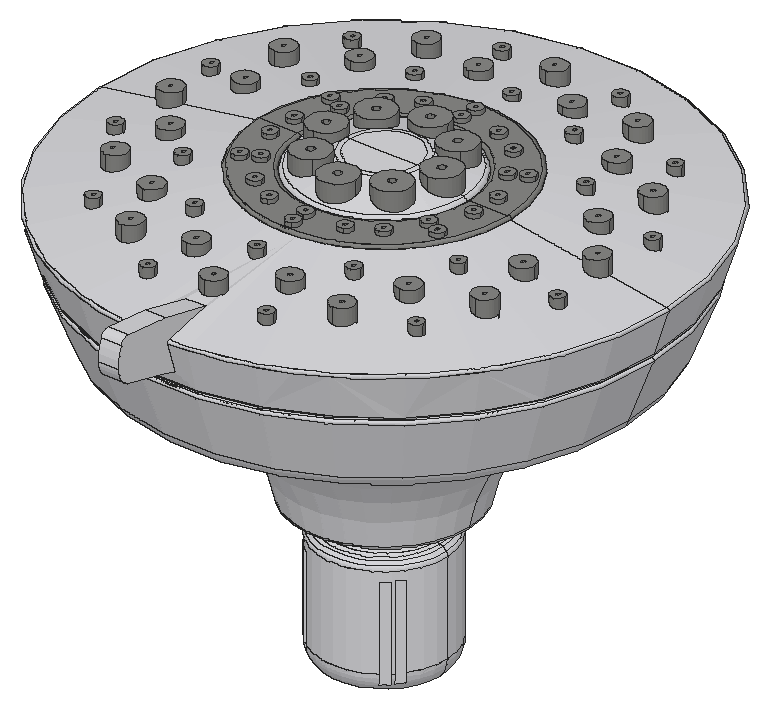
Revit family "Shower-Showerhead-KOHLER-Radiate-K-R75563", category Plumbing Fixtures, host Face, Revit 2015 (continued)
Definition of nested family "K-R75563"
  Lines and regions (in)
    symbolic lines, detail levels medium+fine
      curve 257: arc (0, -1.85189, 0) -> (0.09495, -1.75694, 0) -> (0, -1.66198, 0) r 0.09495
      curve 258: arc (0, -1.66198, 0) -> (-0.09495, -1.75694, 0) -> (0, -1.85189, 0) r 0.09495
      curve 259: line (0.08509, -2.3422, 0) -> (0.08509, -1.97876, 0)
      curve 260: arc (0.58852, 0.66711, 0) -> (0.53135, 0.60994, 0) -> (0.47418, 0.66711, 0) r 0.05717
      curve 261: arc (0.47418, 0.66711, 0) -> (0.53135, 0.72428, 0) -> (0.58852, 0.66711, 0) r 0.05717
      curve 262: arc (0.54798, 0.66364, 0) -> (0.53392, 0.64958, 0) -> (0.51986, 0.66364, 0) r 0.01406
      curve 263: arc (0.74915, 0.4058, 0) -> (0.69198, 0.34863, 0) -> (0.63481, 0.4058, 0) r 0.05717
      curve 264: arc (0.63481, 0.4058, 0) -> (0.69198, 0.46297, 0) -> (0.74915, 0.4058, 0) r 0.05717
      curve 265: arc (0.75732, 0.46751, 0) -> (0.81449, 0.52468, 0) -> (0.87166, 0.46751, 0) r 0.05717
      curve 266: arc (0.87166, 0.46751, 0) -> (0.81449, 0.41034, 0) -> (0.75732, 0.46751, 0) r 0.05717
      curve 267: arc (0.83331, 0.46359, 0) -> (0.81925, 0.44953, 0) -> (0.80519, 0.46359, 0) r 0.01406
      curve 268: arc (0.70561, 0.4013, 0) -> (0.69155, 0.38724, 0) -> (0.67749, 0.4013, 0) r 0.01406
      curve 269: arc (0.67749, 0.4013, 0) -> (0.69155, 0.41536, 0) -> (0.70561, 0.4013, 0) r 0.01406
      curve 270: arc (0.80519, 0.46359, 0) -> (0.81925, 0.47765, 0) -> (0.83331, 0.46359, 0) r 0.01406
      curve 271: arc (0.51986, 0.66364, 0) -> (0.53392, 0.6777, 0) -> (0.54798, 0.66364, 0) r 0.01406
      curve 272: arc (0.89563, 0.12473, 0) -> (0.83846, 0.06756, 0) -> (0.78128, 0.12473, 0) r 0.05717
      curve 273: arc (0.82284, 0.1269, 0) -> (0.8369, 0.14096, 0) -> (0.85096, 0.1269, 0) r 0.01406
      curve 274: arc (0.85096, 0.1269, 0) -> (0.8369, 0.11284, 0) -> (0.82284, 0.1269, 0) r 0.01406
      curve 275: arc (0.78128, 0.12473, 0) -> (0.83846, 0.1819, 0) -> (0.89563, 0.12473, 0) r 0.05717
      curve 276: arc (0.33967, 0.83805, 0) -> (0.36061, 0.75995, 0) -> (0.28252, 0.73902, 0) r 0.05717
      curve 277: arc (0.28252, 0.73902, 0) -> (0.26158, 0.81711, 0) -> (0.33967, 0.83805, 0) r 0.05717
      curve 278: arc (0.29069, 0.78549, 0) -> (0.30475, 0.79955, 0) -> (0.31881, 0.78549, 0) r 0.01406
      curve 279: arc (0.31881, 0.78549, 0) -> (0.30475, 0.77144, 0) -> (0.29069, 0.78549, 0) r 0.01406
      curve 280: arc (0.03081, 0.98864, 0) -> (0.05175, 0.91054, 0) -> (-0.02635, 0.8896, 0) r 0.05717
      curve 281: arc (-0.02635, 0.8896, 0) -> (-0.04728, 0.9677, 0) -> (0.03081, 0.98864, 0) r 0.05717
      curve 282: arc (-0.01406, 0.94077, 0) -> (0, 0.95483, 0) -> (0.01406, 0.94077, 0) r 0.01406
      curve 283: arc (0.01406, 0.94077, 0) -> (0, 0.92671, 0) -> (-0.01406, 0.94077, 0) r 0.01406
      curve 284: arc (-0.01406, 0.79911, 0) -> (0, 0.81317, 0) -> (0.01406, 0.79911, 0) r 0.01406
      curve 285: arc (0.01406, 0.79911, 0) -> (0, 0.78505, 0) -> (-0.01406, 0.79911, 0) r 0.01406
      curve 286: arc (0.02302, 0.85168, 0) -> (0.04396, 0.77359, 0) -> (-0.03414, 0.75265, 0) r 0.05717
      curve 287: arc (-0.03414, 0.75265, 0) -> (-0.05508, 0.83075, 0) -> (0.02302, 0.85168, 0) r 0.05717
      curve 288: arc (1.66198, 0, 0) -> (1.75694, 0.09495, 0) -> (1.85189, 0, 0) r 0.09495
      curve 289: arc (1.35729, 0.38604, 0) -> (1.45225, 0.48099, 0) -> (1.5472, 0.38604, 0) r 0.09495
      curve 290: arc (1.5472, 0.38604, 0) -> (1.45225, 0.29108, 0) -> (1.35729, 0.38604, 0) r 0.09495
      curve 291: arc (1.51998, 0.96161, 0) -> (1.61494, 0.86665, 0) -> (1.51998, 0.7717, 0) r 0.09495
      curve 292: arc (1.51998, 0.7717, 0) -> (1.42503, 0.86665, 0) -> (1.51998, 0.96161, 0) r 0.09495
      curve 293: arc (1.07632, 0.65486, 0) -> (1.13349, 0.71203, 0) -> (1.19066, 0.65486, 0) r 0.05717
      curve 294: arc (1.19066, 0.65486, 0) -> (1.13349, 0.59769, 0) -> (1.07632, 0.65486, 0) r 0.05717
      curve 295: arc (1.15179, 0.65658, 0) -> (1.13773, 0.64252, 0) -> (1.12367, 0.65658, 0) r 0.01406
      curve 296: arc (1.12367, 0.65658, 0) -> (1.13773, 0.67064, 0) -> (1.15179, 0.65658, 0) r 0.01406
      curve 297: arc (1.87745, 0.48851, 0) -> (1.82028, 0.43134, 0) -> (1.76311, 0.48851, 0) r 0.05717
      curve 298: arc (1.76311, 0.48851, 0) -> (1.82028, 0.54568, 0) -> (1.87745, 0.48851, 0) r 0.05717
      curve 299: arc (1.83691, 0.48576, 0) -> (1.82285, 0.4717, 0) -> (1.80879, 0.48576, 0) r 0.01406
      curve 300: arc (1.80879, 0.48576, 0) -> (1.82285, 0.49982, 0) -> (1.83691, 0.48576, 0) r 0.01406
      curve 301: arc (1.31719, 1.33145, 0) -> (1.33125, 1.34551, 0) -> (1.34531, 1.33145, 0) r 0.01406
      curve 302: arc (1.34531, 1.33145, 0) -> (1.33125, 1.31739, 0) -> (1.31719, 1.33145, 0) r 0.01406
      curve 303: arc (1.3877, 1.33292, 0) -> (1.33053, 1.27575, 0) -> (1.27336, 1.33292, 0) r 0.05717
      curve 304: arc (1.27336, 1.33292, 0) -> (1.33053, 1.39009, 0) -> (1.3877, 1.33292, 0) r 0.05717
      curve 305: arc (1.05791, 1.16473, 0) -> (1.15286, 1.06978, 0) -> (1.05791, 0.97482, 0) r 0.09495
      curve 306: arc (1.05791, 0.97482, 0) -> (0.96296, 1.06978, 0) -> (1.05791, 1.16473, 0) r 0.09495
      curve 307: arc (0.5988, 1.13222, 0) -> (0.65597, 1.1894, 0) -> (0.71315, 1.13222, 0) r 0.05717
      curve 308: arc (0.64334, 1.13823, 0) -> (0.6574, 1.15229, 0) -> (0.67146, 1.13823, 0) r 0.01406
      curve 309: arc (0.67146, 1.13823, 0) -> (0.6574, 1.12417, 0) -> (0.64334, 1.13823, 0) r 0.01406
      curve 310: arc (0.71315, 1.13222, 0) -> (0.65597, 1.07505, 0) -> (0.5988, 1.13222, 0) r 0.05717
      curve 311: arc (0.87041, 1.61751, 0) -> (0.96536, 1.52256, 0) -> (0.87041, 1.42761, 0) r 0.09495
      curve 312: arc (0.87041, 1.42761, 0) -> (0.77546, 1.52256, 0) -> (0.87041, 1.61751, 0) r 0.09495
      curve 313: arc (0.54545, 1.82144, 0) -> (0.48828, 1.76427, 0) -> (0.43111, 1.82144, 0) r 0.05717
      curve 314: arc (0.43111, 1.82144, 0) -> (0.48828, 1.87862, 0) -> (0.54545, 1.82144, 0) r 0.05717
      curve 315: arc (0.5007, 1.82313, 0) -> (0.48664, 1.80907, 0) -> (0.47258, 1.82313, 0) r 0.01406
      curve 316: arc (0.47258, 1.82313, 0) -> (0.48664, 1.83719, 0) -> (0.5007, 1.82313, 0) r 0.01406
      curve 317: arc (0.01569, 1.31047, 0) -> (0.00163, 1.29641, 0) -> (-0.01243, 1.31047, 0) r 0.01406
      curve 318: arc (-0.01243, 1.31047, 0) -> (0.00163, 1.32453, 0) -> (0.01569, 1.31047, 0) r 0.01406
      curve 319: arc (0, 1.252, 0) -> (-0.05661, 1.30917, 0) -> (0, 1.36633, 0) r 0.05717
      curve 320: arc (0, 1.85189, 0) -> (0.09495, 1.75694, 0) -> (0, 1.66198, 0) r 0.09495
      curve 321: arc (0, 1.66198, 0) -> (-0.09495, 1.75694, 0) -> (0, 1.85189, 0) r 0.09495
      curve 322: arc (-0.23394, 0.43971, 0) -> (-0.23387, 0.23331, 0) -> (-0.44027, 0.23324, 0) r 0.14595
      curve 323: arc (-0.44027, 0.23324, 0) -> (-0.44034, 0.43964, 0) -> (-0.23394, 0.43971, 0) r 0.14595
      curve 324: arc (-0.47646, 0.14579, 0) -> (-0.33046, -0.00011, 0) -> (-0.47636, -0.14611, 0) r 0.14595
      curve 325: arc (-0.47636, -0.14611, 0) -> (-0.62235, -0.00021, 0) -> (-0.47646, 0.14579, 0) r 0.14595
      curve 326: arc (-0.23331, -0.44004, 0) -> (-0.43971, -0.44026, 0) -> (-0.43993, -0.23386, 0) r 0.14595
      curve 327: arc (-0.43993, -0.23386, 0) -> (-0.23353, -0.23364, 0) -> (-0.23331, -0.44004, 0) r 0.14595
      curve 328: arc (0, 0.62195, 0) -> (0.14555, 0.476, 0) -> (0, 0.33006, 0) r 0.14595
      curve 329: arc (0, -0.33006, 0) -> (0.14555, -0.476, 0) -> (0, -0.62195, 0) r 0.14595
      curve 330: arc (-0.58852, -0.66711, 0) -> (-0.53135, -0.60994, 0) -> (-0.47418, -0.66711, 0) r 0.05717
      curve 331: arc (-0.47418, -0.66711, 0) -> (-0.53135, -0.72428, 0) -> (-0.58852, -0.66711, 0) r 0.05717
      curve 332: arc (-0.54798, -0.66364, 0) -> (-0.53392, -0.64958, 0) -> (-0.51986, -0.66364, 0) r 0.01406
      curve 333: arc (-0.74915, -0.4058, 0) -> (-0.69198, -0.34863, 0) -> (-0.63481, -0.4058, 0) r 0.05717
      curve 334: arc (-0.63481, -0.4058, 0) -> (-0.69198, -0.46297, 0) -> (-0.74915, -0.4058, 0) r 0.05717
      curve 335: arc (-0.75732, -0.46751, 0) -> (-0.81449, -0.52468, 0) -> (-0.87166, -0.46751, 0) r 0.05717
      curve 336: arc (-0.87166, -0.46751, 0) -> (-0.81449, -0.41034, 0) -> (-0.75732, -0.46751, 0) r 0.05717
      curve 337: arc (-0.83331, -0.46359, 0) -> (-0.81925, -0.44953, 0) -> (-0.80519, -0.46359, 0) r 0.01406
      curve 338: arc (-0.70561, -0.4013, 0) -> (-0.69155, -0.38724, 0) -> (-0.67749, -0.4013, 0) r 0.01406
      curve 339: arc (-0.67749, -0.4013, 0) -> (-0.69155, -0.41536, 0) -> (-0.70561, -0.4013, 0) r 0.01406
      curve 340: arc (-0.80519, -0.46359, 0) -> (-0.81925, -0.47765, 0) -> (-0.83331, -0.46359, 0) r 0.01406
      curve 341: arc (-0.51986, -0.66364, 0) -> (-0.53392, -0.6777, 0) -> (-0.54798, -0.66364, 0) r 0.01406
      curve 342: arc (-0.89563, -0.12473, 0) -> (-0.83846, -0.06756, 0) -> (-0.78128, -0.12473, 0) r 0.05717
      curve 343: arc (-0.82284, -0.1269, 0) -> (-0.8369, -0.14096, 0) -> (-0.85096, -0.1269, 0) r 0.01406
      curve 344: arc (-0.85096, -0.1269, 0) -> (-0.8369, -0.11284, 0) -> (-0.82284, -0.1269, 0) r 0.01406
      curve 345: arc (-0.78128, -0.12473, 0) -> (-0.83846, -0.1819, 0) -> (-0.89563, -0.12473, 0) r 0.05717
      curve 346: arc (-0.33967, -0.83805, 0) -> (-0.36061, -0.75995, 0) -> (-0.28252, -0.73902, 0) r 0.05717
      curve 347: arc (-0.28252, -0.73902, 0) -> (-0.26158, -0.81711, 0) -> (-0.33967, -0.83805, 0) r 0.05717
      curve 348: arc (-0.29069, -0.78549, 0) -> (-0.30475, -0.79955, 0) -> (-0.31881, -0.78549, 0) r 0.01406
      curve 349: arc (-0.31881, -0.78549, 0) -> (-0.30475, -0.77144, 0) -> (-0.29069, -0.78549, 0) r 0.01406
      curve 350: arc (-0.03081, -0.98864, 0) -> (-0.05175, -0.91054, 0) -> (0.02635, -0.8896, 0) r 0.05717
      curve 351: arc (0.02635, -0.8896, 0) -> (0.04728, -0.9677, 0) -> (-0.03081, -0.98864, 0) r 0.05717
      curve 352: arc (-1.66198, 0, 0) -> (-1.75694, -0.09495, 0) -> (-1.85189, 0, 0) r 0.09495
      curve 353: arc (-1.35729, -0.38604, 0) -> (-1.45225, -0.48099, 0) -> (-1.5472, -0.38604, 0) r 0.09495
      curve 354: arc (-1.5472, -0.38604, 0) -> (-1.45225, -0.29108, 0) -> (-1.35729, -0.38604, 0) r 0.09495
      curve 355: arc (-1.51998, -0.96161, 0) -> (-1.61494, -0.86665, 0) -> (-1.51998, -0.7717, 0) r 0.09495
      curve 356: arc (-1.51998, -0.7717, 0) -> (-1.42503, -0.86665, 0) -> (-1.51998, -0.96161, 0) r 0.09495
      curve 357: arc (-1.07632, -0.65486, 0) -> (-1.13349, -0.71203, 0) -> (-1.19066, -0.65486, 0) r 0.05717
      curve 358: arc (-1.19066, -0.65486, 0) -> (-1.13349, -0.59769, 0) -> (-1.07632, -0.65486, 0) r 0.05717
      curve 359: arc (-1.15179, -0.65658, 0) -> (-1.13773, -0.64252, 0) -> (-1.12367, -0.65658, 0) r 0.01406
      curve 360: arc (-1.12367, -0.65658, 0) -> (-1.13773, -0.67064, 0) -> (-1.15179, -0.65658, 0) r 0.01406
      curve 361: arc (-1.87745, -0.48851, 0) -> (-1.82028, -0.43134, 0) -> (-1.76311, -0.48851, 0) r 0.05717
      curve 362: arc (-1.76311, -0.48851, 0) -> (-1.82028, -0.54568, 0) -> (-1.87745, -0.48851, 0) r 0.05717
      curve 363: arc (-1.83691, -0.48576, 0) -> (-1.82285, -0.4717, 0) -> (-1.80879, -0.48576, 0) r 0.01406
      curve 364: arc (-1.80879, -0.48576, 0) -> (-1.82285, -0.49982, 0) -> (-1.83691, -0.48576, 0) r 0.01406
      curve 365: arc (-1.31719, -1.33145, 0) -> (-1.33125, -1.34551, 0) -> (-1.34531, -1.33145, 0) r 0.01406
      curve 366: arc (-1.34531, -1.33145, 0) -> (-1.33125, -1.31739, 0) -> (-1.31719, -1.33145, 0) r 0.01406
      curve 367: arc (-1.3877, -1.33292, 0) -> (-1.33053, -1.27575, 0) -> (-1.27336, -1.33292, 0) r 0.05717
      curve 368: arc (-1.27336, -1.33292, 0) -> (-1.33053, -1.39009, 0) -> (-1.3877, -1.33292, 0) r 0.05717
      curve 369: arc (-1.05791, -1.16473, 0) -> (-1.15286, -1.06978, 0) -> (-1.05791, -0.97482, 0) r 0.09495
      curve 370: arc (-1.05791, -0.97482, 0) -> (-0.96296, -1.06978, 0) -> (-1.05791, -1.16473, 0) r 0.09495
      curve 371: arc (-0.5988, -1.13222, 0) -> (-0.65597, -1.1894, 0) -> (-0.71315, -1.13222, 0) r 0.05717
      curve 372: arc (-0.64334, -1.13823, 0) -> (-0.6574, -1.15229, 0) -> (-0.67146, -1.13823, 0) r 0.01406
      curve 373: arc (-0.67146, -1.13823, 0) -> (-0.6574, -1.12417, 0) -> (-0.64334, -1.13823, 0) r 0.01406
      curve 374: arc (-0.71315, -1.13222, 0) -> (-0.65597, -1.07505, 0) -> (-0.5988, -1.13222, 0) r 0.05717
      curve 375: arc (-0.87041, -1.61751, 0) -> (-0.96536, -1.52256, 0) -> (-0.87041, -1.42761, 0) r 0.09495
      curve 376: arc (-0.87041, -1.42761, 0) -> (-0.77546, -1.52256, 0) -> (-0.87041, -1.61751, 0) r 0.09495
      curve 377: arc (-0.54545, -1.82144, 0) -> (-0.48828, -1.76427, 0) -> (-0.43111, -1.82144, 0) r 0.05717
      curve 378: arc (-0.43111, -1.82144, 0) -> (-0.48828, -1.87862, 0) -> (-0.54545, -1.82144, 0) r 0.05717
      curve 379: arc (-0.5007, -1.82313, 0) -> (-0.48664, -1.80907, 0) -> (-0.47258, -1.82313, 0) r 0.01406
      curve 380: arc (-0.47258, -1.82313, 0) -> (-0.48664, -1.83719, 0) -> (-0.5007, -1.82313, 0) r 0.01406
      curve 381: arc (0, -1.85189, 0) -> (-0.09495, -1.75694, 0) -> (0, -1.66198, 0) r 0.09495
      curve 382: arc (0, -1.66198, 0) -> (0.09495, -1.75694, 0) -> (0, -1.85189, 0) r 0.09495
      curve 383: arc (-0.58852, 0.66711, 0) -> (-0.53135, 0.60994, 0) -> (-0.47418, 0.66711, 0) r 0.05717
      curve 384: arc (-0.47418, 0.66711, 0) -> (-0.53135, 0.72428, 0) -> (-0.58852, 0.66711, 0) r 0.05717
      curve 385: arc (-0.54798, 0.66364, 0) -> (-0.53392, 0.64958, 0) -> (-0.51986, 0.66364, 0) r 0.01406
      curve 386: arc (-0.74915, 0.4058, 0) -> (-0.69198, 0.34863, 0) -> (-0.63481, 0.4058, 0) r 0.05717
      curve 387: arc (-0.63481, 0.4058, 0) -> (-0.69198, 0.46297, 0) -> (-0.74915, 0.4058, 0) r 0.05717
      curve 388: arc (-0.75732, 0.46751, 0) -> (-0.81449, 0.52468, 0) -> (-0.87166, 0.46751, 0) r 0.05717
      curve 389: arc (-0.87166, 0.46751, 0) -> (-0.81449, 0.41034, 0) -> (-0.75732, 0.46751, 0) r 0.05717
      curve 390: arc (-0.83331, 0.46359, 0) -> (-0.81925, 0.44953, 0) -> (-0.80519, 0.46359, 0) r 0.01406
      curve 391: arc (-0.70561, 0.4013, 0) -> (-0.69155, 0.38724, 0) -> (-0.67749, 0.4013, 0) r 0.01406
      curve 392: arc (-0.67749, 0.4013, 0) -> (-0.69155, 0.41536, 0) -> (-0.70561, 0.4013, 0) r 0.01406
      curve 393: arc (-0.80519, 0.46359, 0) -> (-0.81925, 0.47765, 0) -> (-0.83331, 0.46359, 0) r 0.01406
      curve 394: arc (-0.51986, 0.66364, 0) -> (-0.53392, 0.6777, 0) -> (-0.54798, 0.66364, 0) r 0.01406
      curve 395: arc (-0.89563, 0.12473, 0) -> (-0.83846, 0.06756, 0) -> (-0.78128, 0.12473, 0) r 0.05717
      curve 396: arc (-0.82284, 0.1269, 0) -> (-0.8369, 0.14096, 0) -> (-0.85096, 0.1269, 0) r 0.01406
      curve 397: arc (-0.85096, 0.1269, 0) -> (-0.8369, 0.11284, 0) -> (-0.82284, 0.1269, 0) r 0.01406
      curve 398: arc (-0.78128, 0.12473, 0) -> (-0.83846, 0.1819, 0) -> (-0.89563, 0.12473, 0) r 0.05717
      curve 399: arc (-0.33967, 0.83805, 0) -> (-0.36061, 0.75995, 0) -> (-0.28252, 0.73902, 0) r 0.05717
      curve 400: arc (-0.28252, 0.73902, 0) -> (-0.26158, 0.81711, 0) -> (-0.33967, 0.83805, 0) r 0.05717
      curve 401: arc (-0.29069, 0.78549, 0) -> (-0.30475, 0.79955, 0) -> (-0.31881, 0.78549, 0) r 0.01406
      curve 402: arc (-0.31881, 0.78549, 0) -> (-0.30475, 0.77144, 0) -> (-0.29069, 0.78549, 0) r 0.01406
      curve 403: arc (-1.66198, 0, 0) -> (-1.75694, 0.09495, 0) -> (-1.85189, 0, 0) r 0.09495
      curve 404: arc (-1.35729, 0.38604, 0) -> (-1.45225, 0.48099, 0) -> (-1.5472, 0.38604, 0) r 0.09495
      curve 405: arc (-1.5472, 0.38604, 0) -> (-1.45225, 0.29108, 0) -> (-1.35729, 0.38604, 0) r 0.09495
      curve 406: arc (-1.51998, 0.96161, 0) -> (-1.61494, 0.86665, 0) -> (-1.51998, 0.7717, 0) r 0.09495
      curve 407: arc (-1.51998, 0.7717, 0) -> (-1.42503, 0.86665, 0) -> (-1.51998, 0.96161, 0) r 0.09495
      curve 408: arc (-1.07632, 0.65486, 0) -> (-1.13349, 0.71203, 0) -> (-1.19066, 0.65486, 0) r 0.05717
      curve 409: arc (-1.19066, 0.65486, 0) -> (-1.13349, 0.59769, 0) -> (-1.07632, 0.65486, 0) r 0.05717
      curve 410: arc (-1.15179, 0.65658, 0) -> (-1.13773, 0.64252, 0) -> (-1.12367, 0.65658, 0) r 0.01406
      curve 411: arc (-1.12367, 0.65658, 0) -> (-1.13773, 0.67064, 0) -> (-1.15179, 0.65658, 0) r 0.01406
      curve 412: arc (-1.87745, 0.48851, 0) -> (-1.82028, 0.43134, 0) -> (-1.76311, 0.48851, 0) r 0.05717
      curve 413: arc (-1.76311, 0.48851, 0) -> (-1.82028, 0.54568, 0) -> (-1.87745, 0.48851, 0) r 0.05717
      curve 414: arc (-1.83691, 0.48576, 0) -> (-1.82285, 0.4717, 0) -> (-1.80879, 0.48576, 0) r 0.01406
      curve 415: arc (-1.80879, 0.48576, 0) -> (-1.82285, 0.49982, 0) -> (-1.83691, 0.48576, 0) r 0.01406
      curve 416: arc (-1.31719, 1.33145, 0) -> (-1.33125, 1.34551, 0) -> (-1.34531, 1.33145, 0) r 0.01406
      curve 417: arc (-1.34531, 1.33145, 0) -> (-1.33125, 1.31739, 0) -> (-1.31719, 1.33145, 0) r 0.01406
      curve 418: arc (-1.3877, 1.33292, 0) -> (-1.33053, 1.27575, 0) -> (-1.27336, 1.33292, 0) r 0.05717
      curve 419: arc (-1.27336, 1.33292, 0) -> (-1.33053, 1.39009, 0) -> (-1.3877, 1.33292, 0) r 0.05717
      curve 420: arc (-1.05791, 1.16473, 0) -> (-1.15286, 1.06978, 0) -> (-1.05791, 0.97482, 0) r 0.09495
      curve 421: arc (-1.05791, 0.97482, 0) -> (-0.96296, 1.06978, 0) -> (-1.05791, 1.16473, 0) r 0.09495
      curve 422: arc (-0.5988, 1.13222, 0) -> (-0.65597, 1.1894, 0) -> (-0.71315, 1.13222, 0) r 0.05717
      curve 423: arc (-0.64334, 1.13823, 0) -> (-0.6574, 1.15229, 0) -> (-0.67146, 1.13823, 0) r 0.01406
      curve 424: arc (-0.67146, 1.13823, 0) -> (-0.6574, 1.12417, 0) -> (-0.64334, 1.13823, 0) r 0.01406
      curve 425: arc (-0.71315, 1.13222, 0) -> (-0.65597, 1.07505, 0) -> (-0.5988, 1.13222, 0) r 0.05717
      curve 426: arc (-0.87041, 1.61751, 0) -> (-0.96536, 1.52256, 0) -> (-0.87041, 1.42761, 0) r 0.09495
      curve 427: arc (-0.87041, 1.42761, 0) -> (-0.77546, 1.52256, 0) -> (-0.87041, 1.61751, 0) r 0.09495
      curve 428: arc (-0.54545, 1.82144, 0) -> (-0.48828, 1.76427, 0) -> (-0.43111, 1.82144, 0) r 0.05717
      curve 429: arc (-0.43111, 1.82144, 0) -> (-0.48828, 1.87862, 0) -> (-0.54545, 1.82144, 0) r 0.05717
      curve 430: arc (-0.5007, 1.82313, 0) -> (-0.48664, 1.80907, 0) -> (-0.47258, 1.82313, 0) r 0.01406
      curve 431: arc (-0.47258, 1.82313, 0) -> (-0.48664, 1.83719, 0) -> (-0.5007, 1.82313, 0) r 0.01406
      curve 432: arc (0, 1.252, 0) -> (0.05661, 1.30917, 0) -> (0, 1.36633, 0) r 0.05717
      curve 433: arc (0, 1.85189, 0) -> (-0.09495, 1.75694, 0) -> (0, 1.66198, 0) r 0.09495
      curve 434: arc (0, 1.66198, 0) -> (0.09495, 1.75694, 0) -> (0, 1.85189, 0) r 0.09495
      curve 435: arc (-0.03119, 0.476, 0) -> (0.0004, 0.44442, 0) -> (0.03199, 0.476, 0) r 0.03159
      curve 436: arc (0.03199, 0.476, 0) -> (0.0004, 0.50759, 0) -> (-0.03119, 0.476, 0) r 0.03159
      curve 437: arc (0.36679, 0.33695, 0) -> (0.33582, 0.36792, 0) -> (0.30485, 0.33695, 0) r 0.03097
      curve 438: arc (0.30485, 0.33695, 0) -> (0.33582, 0.30598, 0) -> (0.36679, 0.33695, 0) r 0.03097
      curve 439: arc (0.50651, -0.00016, 0) -> (0.4756, 0.03075, 0) -> (0.4447, -0.00016, 0) r 0.03091
      curve 440: arc (0.4447, -0.00016, 0) -> (0.4756, -0.03107, 0) -> (0.50651, -0.00016, 0) r 0.03091
      curve 441: arc (0.36679, -0.33695, 0) -> (0.33582, -0.30598, 0) -> (0.30485, -0.33695, 0) r 0.03097
      curve 442: arc (0.30485, -0.33695, 0) -> (0.33582, -0.36792, 0) -> (0.36679, -0.33695, 0) r 0.03097
      curve 443: arc (0.03119, -0.476, 0) -> (-0.0004, -0.44442, 0) -> (-0.03199, -0.476, 0) r 0.03159
      curve 444: arc (-0.03199, -0.476, 0) -> (-0.0004, -0.50759, 0) -> (0.03119, -0.476, 0) r 0.03159
      curve 445: arc (-0.30485, -0.33695, 0) -> (-0.33582, -0.30598, 0) -> (-0.36679, -0.33695, 0) r 0.03097
      curve 446: arc (-0.36679, -0.33695, 0) -> (-0.33582, -0.36792, 0) -> (-0.30485, -0.33695, 0) r 0.03097
      curve 447: arc (-0.4447, 0.00016, 0) -> (-0.4756, 0.03107, 0) -> (-0.50651, 0.00016, 0) r 0.03091
      curve 448: arc (-0.50651, 0.00016, 0) -> (-0.4756, -0.03075, 0) -> (-0.4447, 0.00016, 0) r 0.03091
      curve 449: arc (-0.30485, 0.33695, 0) -> (-0.33582, 0.36792, 0) -> (-0.36679, 0.33695, 0) r 0.03097
      curve 450: arc (-0.36679, 0.33695, 0) -> (-0.33582, 0.30598, 0) -> (-0.30485, 0.33695, 0) r 0.03097
      curve 451: arc (1.46456, 0.37899, 0) -> (1.4505, 0.36493, 0) -> (1.43644, 0.37899, 0) r 0.01406
      curve 452: arc (1.43644, 0.37899, 0) -> (1.4505, 0.39305, 0) -> (1.46456, 0.37899, 0) r 0.01406
      curve 453: arc (1.53415, 0.87412, 0) -> (1.52009, 0.86006, 0) -> (1.50603, 0.87412, 0) r 0.01406
      curve 454: arc (1.50603, 0.87412, 0) -> (1.52009, 0.88818, 0) -> (1.53415, 0.87412, 0) r 0.01406
      curve 455: arc (1.0739, 1.06949, 0) -> (1.05984, 1.05543, 0) -> (1.04578, 1.06949, 0) r 0.01406
      curve 456: arc (1.04578, 1.06949, 0) -> (1.05984, 1.08355, 0) -> (1.0739, 1.06949, 0) r 0.01406
      curve 457: arc (0.87853, 1.52974, 0) -> (0.86447, 1.51568, 0) -> (0.85041, 1.52974, 0) r 0.01406
      curve 458: arc (0.85041, 1.52974, 0) -> (0.86447, 1.5438, 0) -> (0.87853, 1.52974, 0) r 0.01406
      curve 459: arc (0.01476, 1.76119, 0) -> (0.0007, 1.74713, 0) -> (-0.01336, 1.76119, 0) r 0.01406
      curve 460: arc (-0.01336, 1.76119, 0) -> (0.0007, 1.77525, 0) -> (0.01476, 1.76119, 0) r 0.01406
      curve 461: arc (-0.86433, 1.52564, 0) -> (-0.87839, 1.51158, 0) -> (-0.89245, 1.52564, 0) r 0.01406
      curve 462: arc (-0.89245, 1.52564, 0) -> (-0.87839, 1.5397, 0) -> (-0.86433, 1.52564, 0) r 0.01406
      curve 463: arc (-1.51202, 0.87794, 0) -> (-1.52608, 0.86388, 0) -> (-1.54014, 0.87794, 0) r 0.01406
      curve 464: arc (-1.54014, 0.87794, 0) -> (-1.52608, 0.892, 0) -> (-1.51202, 0.87794, 0) r 0.01406
      curve 465: arc (-1.44244, 0.38281, 0) -> (-1.45649, 0.36875, 0) -> (-1.47055, 0.38281, 0) r 0.01406
      curve 466: arc (-1.47055, 0.38281, 0) -> (-1.45649, 0.39687, 0) -> (-1.44244, 0.38281, 0) r 0.01406
      curve 467: arc (-1.74292, -0.0018, 0) -> (-1.75698, -0.01586, 0) -> (-1.77104, -0.0018, 0) r 0.01406
      curve 468: arc (-1.77104, -0.0018, 0) -> (-1.75698, 0.01226, 0) -> (-1.74292, -0.0018, 0) r 0.01406
      curve 469: arc (-1.44849, -0.37866, 0) -> (-1.46255, -0.39272, 0) -> (-1.47661, -0.37866, 0) r 0.01406
      curve 470: arc (-1.47661, -0.37866, 0) -> (-1.46255, -0.3646, 0) -> (-1.44849, -0.37866, 0) r 0.01406
      curve 471: arc (-1.51808, -0.87379, 0) -> (-1.53213, -0.88785, 0) -> (-1.54619, -0.87379, 0) r 0.01406
      curve 472: arc (-1.54619, -0.87379, 0) -> (-1.53213, -0.85973, 0) -> (-1.51808, -0.87379, 0) r 0.01406
      curve 473: arc (-1.03144, -1.07041, 0) -> (-1.0455, -1.08447, 0) -> (-1.05956, -1.07041, 0) r 0.01406
      curve 474: arc (-1.05956, -1.07041, 0) -> (-1.0455, -1.05635, 0) -> (-1.03144, -1.07041, 0) r 0.01406
      curve 475: arc (-0.85061, -1.51797, 0) -> (-0.86467, -1.53203, 0) -> (-0.87873, -1.51797, 0) r 0.01406
      curve 476: arc (-0.87873, -1.51797, 0) -> (-0.86467, -1.50391, 0) -> (-0.85061, -1.51797, 0) r 0.01406
      curve 477: arc (0.01476, -1.74984, 0) -> (0.0007, -1.7639, 0) -> (-0.01336, -1.74984, 0) r 0.01406
      curve 478: arc (-0.01336, -1.74984, 0) -> (0.0007, -1.73579, 0) -> (0.01476, -1.74984, 0) r 0.01406
      curve 479: arc (0.8883, -1.51578, 0) -> (0.87424, -1.52984, 0) -> (0.86019, -1.51578, 0) r 0.01406
      curve 480: arc (0.86019, -1.51578, 0) -> (0.87424, -1.50172, 0) -> (0.8883, -1.51578, 0) r 0.01406
      curve 481: arc (1.07076, -1.06417, 0) -> (1.05671, -1.07823, 0) -> (1.04265, -1.06417, 0) r 0.01406
      curve 482: arc (1.04265, -1.06417, 0) -> (1.05671, -1.05011, 0) -> (1.07076, -1.06417, 0) r 0.01406
      curve 483: arc (1.54376, -0.86339, 0) -> (1.5297, -0.87745, 0) -> (1.51565, -0.86339, 0) r 0.01406
      curve 484: arc (1.51565, -0.86339, 0) -> (1.5297, -0.84934, 0) -> (1.54376, -0.86339, 0) r 0.01406
      curve 485: arc (1.46555, -0.36955, 0) -> (1.45149, -0.38361, 0) -> (1.43743, -0.36955, 0) r 0.01406
      curve 486: arc (1.43743, -0.36955, 0) -> (1.45149, -0.35549, 0) -> (1.46555, -0.36955, 0) r 0.01406
      curve 487: arc (1.77413, -0.0018, 0) -> (1.76007, -0.01586, 0) -> (1.74601, -0.0018, 0) r 0.01406
      curve 488: arc (1.74601, -0.0018, 0) -> (1.76007, 0.01226, 0) -> (1.77413, -0.0018, 0) r 0.01406
      curve 489: arc (-1.05349, 1.08362, 0) -> (-1.06755, 1.06956, 0) -> (-1.08161, 1.08362, 0) r 0.01406
      curve 490: arc (-1.08161, 1.08362, 0) -> (-1.06755, 1.09768, 0) -> (-1.05349, 1.08362, 0) r 0.01406
      curve 491: arc (1.19209, 0.00171, 0) -> (1.24926, -0.05546, 0) -> (1.30643, 0.00171, 0) r 0.05717
      curve 492: arc (1.30643, 0.00171, 0) -> (1.24926, 0.05888, 0) -> (1.19209, 0.00171, 0) r 0.05717
      curve 493: arc (1.26756, 0, 0) -> (1.2535, 0.01406, 0) -> (1.23945, 0, 0) r 0.01406
      curve 494: arc (1.23945, 0, 0) -> (1.2535, -0.01406, 0) -> (1.26756, 0, 0) r 0.01406
      curve 495: arc (-1.30791, 0.00171, 0) -> (-1.25074, -0.05546, 0) -> (-1.19357, 0.00171, 0) r 0.05717
      curve 496: arc (-1.19357, 0.00171, 0) -> (-1.25074, 0.05888, 0) -> (-1.30791, 0.00171, 0) r 0.05717
      curve 497: arc (-1.23244, 0, 0) -> (-1.2465, 0.01406, 0) -> (-1.26055, 0, 0) r 0.01406
      curve 498: arc (-1.26055, 0, 0) -> (-1.2465, -0.01406, 0) -> (-1.23244, 0, 0) r 0.01406
      curve 499: line (2.34375, 0.11625, 0) -> (1.73448, 0.14818, 0)
      curve 500: line (2.34322, 0.04985, 0) -> (1.73269, 0.11401, 0)
      curve 501: arc (1.73269, 0.11401, 0) -> (1.65207, 0.08062, 0) -> (1.61868, 0, 0) r 0.11401
      curve 502: arc (1.73448, 0.14818, 0) -> (1.62358, 0.10782, 0) -> (1.57558, 0, 0) r 0.15103
      curve 503: line (2.34375, -0.11625, 0) -> (1.73448, -0.14818, 0)
      curve 504: line (2.34322, -0.04985, 0) -> (1.73269, -0.11401, 0)
      curve 505: arc (1.73269, -0.11401, 0) -> (1.65207, -0.08062, 0) -> (1.61868, 0, 0) r 0.11401
      curve 506: arc (1.73448, -0.14818, 0) -> (1.62358, -0.10782, 0) -> (1.57558, 0, 0) r 0.15103
      curve 507: line (1.97162, 1.25693, 0) -> (1.42802, 0.97995, 0)
      curve 508: line (2.00437, 1.19915, 0) -> (1.44355, 0.94946, 0)
      curve 509: arc (1.44355, 0.94946, 0) -> (1.39043, 0.88023, 0) -> (1.40182, 0.79371, 0) r 0.11401
      curve 510: arc (1.42802, 0.97995, 0) -> (1.35215, 0.88954, 0) -> (1.36449, 0.77216, 0) r 0.15103
      curve 511: line (2.08787, 1.05557, 0) -> (1.5762, 0.72329, 0)
      curve 512: line (2.05421, 1.11282, 0) -> (1.55756, 0.75198, 0)
      curve 513: arc (1.55756, 0.75198, 0) -> (1.47105, 0.74059, 0) -> (1.40182, 0.79371, 0) r 0.11401
      curve 514: arc (1.5762, 0.72329, 0) -> (1.45997, 0.70279, 0) -> (1.36449, 0.77216, 0) r 0.15103
      curve 515: line (1.12107, 2.05824, 0) -> (0.73857, 1.575, 0)
      curve 516: line (1.1512, 2.04154, 0) -> (0.76763, 1.55694, 0)
      curve 517: arc (0.76763, 1.55694, 0) -> (0.75797, 1.47022, 0) -> (0.81246, 1.40206, 0) r 0.11401
      curve 518: arc (0.73857, 1.575, 0) -> (0.72039, 1.45839, 0) -> (0.79166, 1.36431, 0) r 0.15103
      curve 519: line (1.27165, 1.96877, 0) -> (0.99813, 1.43197, 0)
      curve 520: line (1.24265, 1.98721, 0) -> (0.96734, 1.44689, 0)
      curve 521: arc (0.96734, 1.44689, 0) -> (0.89919, 1.3924, 0) -> (0.81246, 1.40206, 0) r 0.11401
      curve 522: arc (0.99813, 1.43197, 0) -> (0.90926, 1.35432, 0) -> (0.79166, 1.36431, 0) r 0.15103
      curve 523: line (1.46997, 0.26948, 0) -> (1.00199, 0.29401, 0)
      curve 524: line (1.46736, 0.21968, 0) -> (1.01548, 0.24336, 0)
      curve 525: line (1.44534, 0.50379, 0) -> (0.98605, 0.3437, 0)
      curve 526: line (1.43244, 0.55196, 0) -> (0.97439, 0.37546, 0)
      curve 527: arc (1.46997, 0.26948, 0) -> (1.57734, 0.39921, 0) -> (1.44534, 0.50379, 0) r 0.11783
      curve 528: arc (1.46736, 0.21968, 0) -> (1.62554, 0.40428, 0) -> (1.43244, 0.55196, 0) r 0.16731
      curve 529: line (1.1287, 0.97952, 0) -> (0.71327, 0.76267, 0)
      curve 530: line (1.15178, 0.93531, 0) -> (0.75064, 0.72592, 0)
      curve 531: line (0.98835, 1.16875, 0) -> (0.67428, 0.79735, 0)
      curve 532: line (0.95274, 1.20367, 0) -> (0.64809, 0.81878, 0)
      curve 533: arc (1.1287, 0.97952, 0) -> (1.15519, 1.14583, 0) -> (0.98835, 1.16875, 0) r 0.11783
      curve 534: arc (1.15178, 0.93531, 0) -> (1.19412, 1.1747, 0) -> (0.95274, 1.20367, 0) r 0.16731
      curve 535: arc (0.35588, 1.53268, 0) -> (0.48508, 1.49607, 0) -> (0.44846, 1.36687, 0) r 0.09495
      curve 536: arc (0.44846, 1.36687, 0) -> (0.31926, 1.40349, 0) -> (0.35588, 1.53268, 0) r 0.09495
      curve 537: arc (0.41627, 1.45732, 0) -> (0.41085, 1.43819, 0) -> (0.39172, 1.44361, 0) r 0.01406
      curve 538: arc (0.39172, 1.44361, 0) -> (0.39714, 1.46274, 0) -> (0.41627, 1.45732, 0) r 0.01406
      curve 539: arc (-0.35588, 1.53268, 0) -> (-0.48508, 1.49607, 0) -> (-0.44846, 1.36687, 0) r 0.09495
      curve 540: arc (-0.44846, 1.36687, 0) -> (-0.31926, 1.40349, 0) -> (-0.35588, 1.53268, 0) r 0.09495
      curve 541: arc (-0.41627, 1.45732, 0) -> (-0.41085, 1.43819, 0) -> (-0.39172, 1.44361, 0) r 0.01406
      curve 542: arc (-0.39172, 1.44361, 0) -> (-0.39714, 1.46274, 0) -> (-0.41627, 1.45732, 0) r 0.01406
      curve 543: arc (0.35588, -1.53268, 0) -> (0.48508, -1.49607, 0) -> (0.44846, -1.36687, 0) r 0.09495
      curve 544: arc (0.44846, -1.36687, 0) -> (0.31926, -1.40349, 0) -> (0.35588, -1.53268, 0) r 0.09495
      curve 545: arc (0.41627, -1.45732, 0) -> (0.41085, -1.43819, 0) -> (0.39172, -1.44361, 0) r 0.01406
      curve 546: arc (0.39172, -1.44361, 0) -> (0.39714, -1.46274, 0) -> (0.41627, -1.45732, 0) r 0.01406
      curve 547: arc (-0.35588, -1.53268, 0) -> (-0.48508, -1.49607, 0) -> (-0.44846, -1.36687, 0) r 0.09495
      curve 548: arc (-0.44846, -1.36687, 0) -> (-0.31926, -1.40349, 0) -> (-0.35588, -1.53268, 0) r 0.09495
      curve 549: arc (-0.41627, -1.45732, 0) -> (-0.41085, -1.43819, 0) -> (-0.39172, -1.44361, 0) r 0.01406
      curve 550: arc (-0.39172, -1.44361, 0) -> (-0.39714, -1.46274, 0) -> (-0.41627, -1.45732, 0) r 0.01406
      curve 551: line (0.54968, 1.37813, 0) -> (0.30152, 0.99975, 0)
      curve 552: line (0.29319, 1.50229, 0) -> (0.20002, 1.02489, 0)
      curve 553: line (0.24508, 1.51541, 0) -> (0.16671, 1.03084, 0)
      curve 554: arc (0.50798, 1.40548, 0) -> (0.45003, 1.5636, 0) -> (0.29319, 1.50229, 0) r 0.11783
      curve 555: arc (0.54968, 1.37813, 0) -> (0.46995, 1.60779, 0) -> (0.24508, 1.51541, 0) r 0.16731
      curve 556: line (0.50798, 1.40548, 0) -> (0.25097, 1.01362, 0)
      curve 557: line (-2.34375, 0.11625, 0) -> (-1.73448, 0.14818, 0)
      curve 558: line (-2.34322, 0.04985, 0) -> (-1.73269, 0.11401, 0)
      curve 559: arc (-1.73269, 0.11401, 0) -> (-1.65207, 0.08062, 0) -> (-1.61868, 0, 0) r 0.11401
      curve 560: arc (-1.73448, 0.14818, 0) -> (-1.62358, 0.10782, 0) -> (-1.57558, 0, 0) r 0.15103
      curve 561: line (-2.34375, -0.11625, 0) -> (-1.73448, -0.14818, 0)
      curve 562: line (-2.34322, -0.04985, 0) -> (-1.73269, -0.11401, 0)
      curve 563: arc (-1.73269, -0.11401, 0) -> (-1.65207, -0.08062, 0) -> (-1.61868, 0, 0) r 0.11401
      curve 564: arc (-1.73448, -0.14818, 0) -> (-1.62358, -0.10782, 0) -> (-1.57558, 0, 0) r 0.15103
      curve 565: line (-1.97162, 1.25693, 0) -> (-1.42802, 0.97995, 0)
      curve 566: line (-2.00437, 1.19915, 0) -> (-1.44355, 0.94946, 0)
      curve 567: arc (-1.44355, 0.94946, 0) -> (-1.39043, 0.88023, 0) -> (-1.40182, 0.79371, 0) r 0.11401
      curve 568: arc (-1.42802, 0.97995, 0) -> (-1.35215, 0.88954, 0) -> (-1.36449, 0.77216, 0) r 0.15103
      curve 569: line (-2.08787, 1.05557, 0) -> (-1.5762, 0.72329, 0)
      curve 570: line (-2.05421, 1.11282, 0) -> (-1.55756, 0.75198, 0)
      curve 571: arc (-1.55756, 0.75198, 0) -> (-1.47105, 0.74059, 0) -> (-1.40182, 0.79371, 0) r 0.11401
      curve 572: arc (-1.5762, 0.72329, 0) -> (-1.45997, 0.70279, 0) -> (-1.36449, 0.77216, 0) r 0.15103
      curve 573: line (-1.12107, 2.05824, 0) -> (-0.73857, 1.575, 0)
      curve 574: line (-1.1512, 2.04154, 0) -> (-0.76763, 1.55694, 0)
      curve 575: arc (-0.76763, 1.55694, 0) -> (-0.75797, 1.47022, 0) -> (-0.81246, 1.40206, 0) r 0.11401
      curve 576: arc (-0.73857, 1.575, 0) -> (-0.72039, 1.45839, 0) -> (-0.79166, 1.36431, 0) r 0.15103
      curve 577: line (-1.27165, 1.96877, 0) -> (-0.99813, 1.43197, 0)
      curve 578: line (-1.24265, 1.98721, 0) -> (-0.96734, 1.44689, 0)
      curve 579: arc (-0.96734, 1.44689, 0) -> (-0.89919, 1.3924, 0) -> (-0.81246, 1.40206, 0) r 0.11401
      curve 580: arc (-0.99813, 1.43197, 0) -> (-0.90926, 1.35432, 0) -> (-0.79166, 1.36431, 0) r 0.15103
      curve 581: line (-1.46997, 0.26948, 0) -> (-1.00199, 0.29401, 0)
      curve 582: line (-1.46736, 0.21968, 0) -> (-1.01548, 0.24336, 0)
      curve 583: line (-1.44534, 0.50379, 0) -> (-0.98605, 0.3437, 0)
      curve 584: line (-1.43244, 0.55196, 0) -> (-0.97439, 0.37546, 0)
      curve 585: arc (-1.46997, 0.26948, 0) -> (-1.57734, 0.39921, 0) -> (-1.44534, 0.50379, 0) r 0.11783
      curve 586: arc (-1.46736, 0.21968, 0) -> (-1.62554, 0.40428, 0) -> (-1.43244, 0.55196, 0) r 0.16731
      curve 587: line (-1.1287, 0.97952, 0) -> (-0.71327, 0.76267, 0)
      curve 588: line (-1.15178, 0.93531, 0) -> (-0.75064, 0.72592, 0)
      curve 589: line (-0.98835, 1.16875, 0) -> (-0.67428, 0.79735, 0)
      curve 590: line (-0.95274, 1.20367, 0) -> (-0.64809, 0.81878, 0)
      curve 591: arc (-1.1287, 0.97952, 0) -> (-1.15519, 1.14583, 0) -> (-0.98835, 1.16875, 0) r 0.11783
      curve 592: arc (-1.15178, 0.93531, 0) -> (-1.19412, 1.1747, 0) -> (-0.95274, 1.20367, 0) r 0.16731
      curve 593: line (-0.54968, 1.37813, 0) -> (-0.30152, 0.99975, 0)
      curve 594: line (-0.29319, 1.50229, 0) -> (-0.20002, 1.02489, 0)
      curve 595: line (-0.24508, 1.51541, 0) -> (-0.16671, 1.03084, 0)
      curve 596: arc (-0.50798, 1.40548, 0) -> (-0.45003, 1.5636, 0) -> (-0.29319, 1.50229, 0) r 0.11783
      curve 597: arc (-0.54968, 1.37813, 0) -> (-0.46995, 1.60779, 0) -> (-0.24508, 1.51541, 0) r 0.16731
      curve 598: line (-0.50798, 1.40548, 0) -> (-0.25097, 1.01362, 0)
      curve 599: line (-0.11648, -2.33947, 0) -> (-0.14818, -1.73448, 0)
      curve 600: arc (-0.11401, -1.73269, 0) -> (-0.08062, -1.65207, 0) -> (0, -1.61868, 0) r 0.11401
      curve 601: arc (-0.14818, -1.73448, 0) -> (-0.10782, -1.62358, 0) -> (0, -1.57558, 0) r 0.15103
      curve 602: line (0.11648, -2.33952, 0) -> (0.14818, -1.73448, 0)
      curve 603: line (0.08509, -2.0079, 0) -> (0.11401, -1.73269, 0)
      curve 604: arc (0.11401, -1.73269, 0) -> (0.08062, -1.65207, 0) -> (0, -1.61868, 0) r 0.11401
      curve 605: arc (0.14818, -1.73448, 0) -> (0.10782, -1.62358, 0) -> (0, -1.57558, 0) r 0.15103
      curve 606: line (-1.25693, -1.97162, 0) -> (-0.97995, -1.42802, 0)
      curve 607: line (-1.19915, -2.00437, 0) -> (-0.94946, -1.44355, 0)
      curve 608: arc (-0.94946, -1.44355, 0) -> (-0.88023, -1.39043, 0) -> (-0.79371, -1.40182, 0) r 0.11401
      curve 609: arc (-0.97995, -1.42802, 0) -> (-0.88954, -1.35215, 0) -> (-0.77216, -1.36449, 0) r 0.15103
      curve 610: line (-1.05557, -2.08787, 0) -> (-0.72329, -1.5762, 0)
      curve 611: line (-1.11282, -2.05421, 0) -> (-0.75198, -1.55756, 0)
      curve 612: arc (-0.75198, -1.55756, 0) -> (-0.74059, -1.47105, 0) -> (-0.79371, -1.40182, 0) r 0.11401
      curve 613: arc (-0.72329, -1.5762, 0) -> (-0.70279, -1.45997, 0) -> (-0.77216, -1.36449, 0) r 0.15103
      curve 614: line (-2.05824, -1.12107, 0) -> (-1.575, -0.73857, 0)
      curve 615: line (-2.04154, -1.1512, 0) -> (-1.55694, -0.76763, 0)
      curve 616: arc (-1.55694, -0.76763, 0) -> (-1.47022, -0.75797, 0) -> (-1.40206, -0.81246, 0) r 0.11401
      curve 617: arc (-1.575, -0.73857, 0) -> (-1.45839, -0.72039, 0) -> (-1.36431, -0.79166, 0) r 0.15103
      curve 618: line (-1.96877, -1.27165, 0) -> (-1.43197, -0.99813, 0)
      curve 619: line (-1.98721, -1.24265, 0) -> (-1.44689, -0.96734, 0)
      curve 620: arc (-1.44689, -0.96734, 0) -> (-1.3924, -0.89919, 0) -> (-1.40206, -0.81246, 0) r 0.11401
      curve 621: arc (-1.43197, -0.99813, 0) -> (-1.35432, -0.90926, 0) -> (-1.36431, -0.79166, 0) r 0.15103
      curve 622: line (-0.26948, -1.46997, 0) -> (-0.29401, -1.00199, 0)
      curve 623: line (-0.21968, -1.46736, 0) -> (-0.24336, -1.01548, 0)
      curve 624: line (-0.50379, -1.44534, 0) -> (-0.3437, -0.98605, 0)
      curve 625: line (-0.55196, -1.43244, 0) -> (-0.37546, -0.97439, 0)
      curve 626: arc (-0.26948, -1.46997, 0) -> (-0.39921, -1.57734, 0) -> (-0.50379, -1.44534, 0) r 0.11783
      curve 627: arc (-0.21968, -1.46736, 0) -> (-0.40428, -1.62554, 0) -> (-0.55196, -1.43244, 0) r 0.16731
      curve 628: line (-0.97952, -1.1287, 0) -> (-0.76267, -0.71327, 0)
      curve 629: line (-0.93531, -1.15178, 0) -> (-0.72592, -0.75064, 0)
      curve 630: line (-1.16875, -0.98835, 0) -> (-0.79735, -0.67428, 0)
      curve 631: line (-1.20367, -0.95274, 0) -> (-0.81878, -0.64809, 0)
      curve 632: arc (-0.97952, -1.1287, 0) -> (-1.14583, -1.15519, 0) -> (-1.16875, -0.98835, 0) r 0.11783
      curve 633: arc (-0.93531, -1.15178, 0) -> (-1.1747, -1.19412, 0) -> (-1.20367, -0.95274, 0) r 0.16731
      curve 634: line (-1.37813, -0.54968, 0) -> (-0.99975, -0.30152, 0)
      curve 635: line (-1.50229, -0.29319, 0) -> (-1.02489, -0.20002, 0)
      curve 636: line (-1.51541, -0.24508, 0) -> (-1.03084, -0.16671, 0)
      curve 637: arc (-1.40548, -0.50798, 0) -> (-1.5636, -0.45003, 0) -> (-1.50229, -0.29319, 0) r 0.11783
      curve 638: arc (-1.37813, -0.54968, 0) -> (-1.60779, -0.46995, 0) -> (-1.51541, -0.24508, 0) r 0.16731
      curve 639: line (-1.40548, -0.50798, 0) -> (-1.01362, -0.25097, 0)
      curve 640: line (1.97162, -1.25693, 0) -> (1.42802, -0.97995, 0)
      curve 641: line (2.00437, -1.19915, 0) -> (1.44355, -0.94946, 0)
      curve 642: arc (1.44355, -0.94946, 0) -> (1.39043, -0.88023, 0) -> (1.40182, -0.79371, 0) r 0.11401
      curve 643: arc (1.42802, -0.97995, 0) -> (1.35215, -0.88954, 0) -> (1.36449, -0.77216, 0) r 0.15103
      curve 644: line (2.08787, -1.05557, 0) -> (1.5762, -0.72329, 0)
      curve 645: line (2.05421, -1.11282, 0) -> (1.55756, -0.75198, 0)
      curve 646: arc (1.55756, -0.75198, 0) -> (1.47105, -0.74059, 0) -> (1.40182, -0.79371, 0) r 0.11401
      curve 647: arc (1.5762, -0.72329, 0) -> (1.45997, -0.70279, 0) -> (1.36449, -0.77216, 0) r 0.15103
      curve 648: line (1.12107, -2.05824, 0) -> (0.73857, -1.575, 0)
      curve 649: line (1.1512, -2.04154, 0) -> (0.76763, -1.55694, 0)
      curve 650: arc (0.76763, -1.55694, 0) -> (0.75797, -1.47022, 0) -> (0.81246, -1.40206, 0) r 0.11401
      curve 651: arc (0.73857, -1.575, 0) -> (0.72039, -1.45839, 0) -> (0.79166, -1.36431, 0) r 0.15103
      curve 652: line (1.27165, -1.96877, 0) -> (0.99813, -1.43197, 0)
      curve 653: line (1.24265, -1.98721, 0) -> (0.96734, -1.44689, 0)
      curve 654: arc (0.96734, -1.44689, 0) -> (0.89919, -1.3924, 0) -> (0.81246, -1.40206, 0) r 0.11401
      curve 655: arc (0.99813, -1.43197, 0) -> (0.90926, -1.35432, 0) -> (0.79166, -1.36431, 0) r 0.15103
      curve 656: line (1.46997, -0.26948, 0) -> (1.00199, -0.29401, 0)
      curve 657: line (1.46736, -0.21968, 0) -> (1.01548, -0.24336, 0)
      curve 658: line (1.44534, -0.50379, 0) -> (0.98605, -0.3437, 0)
      curve 659: line (1.43244, -0.55196, 0) -> (0.97439, -0.37546, 0)
      curve 660: arc (1.46997, -0.26948, 0) -> (1.57734, -0.39921, 0) -> (1.44534, -0.50379, 0) r 0.11783
      curve 661: arc (1.46736, -0.21968, 0) -> (1.62554, -0.40428, 0) -> (1.43244, -0.55196, 0) r 0.16731
      curve 662: line (1.1287, -0.97952, 0) -> (0.71327, -0.76267, 0)
      curve 663: line (1.15178, -0.93531, 0) -> (0.75064, -0.72592, 0)
      curve 664: line (0.98835, -1.16875, 0) -> (0.67428, -0.79735, 0)
      curve 665: line (0.95274, -1.20367, 0) -> (0.64809, -0.81878, 0)
      curve 666: arc (1.1287, -0.97952, 0) -> (1.15519, -1.14583, 0) -> (0.98835, -1.16875, 0) r 0.11783
      curve 667: arc (1.15178, -0.93531, 0) -> (1.19412, -1.1747, 0) -> (0.95274, -1.20367, 0) r 0.16731
      curve 668: line (0.54968, -1.37813, 0) -> (0.30152, -0.99975, 0)
      curve 669: line (0.29319, -1.50229, 0) -> (0.20002, -1.02489, 0)
      curve 670: line (0.24508, -1.51541, 0) -> (0.16671, -1.03084, 0)
      curve 671: arc (0.50798, -1.40548, 0) -> (0.45003, -1.5636, 0) -> (0.29319, -1.50229, 0) r 0.11783
      curve 672: arc (0.54968, -1.37813, 0) -> (0.46995, -1.60779, 0) -> (0.24508, -1.51541, 0) r 0.16731
      curve 673: line (0.50798, -1.40548, 0) -> (0.25097, -1.01362, 0)
      curve 674: line (-0.11625, 2.34375, 0) -> (-0.14818, 1.73448, 0)
      curve 675: line (-0.04985, 2.34322, 0) -> (-0.11401, 1.73269, 0)
      curve 676: arc (-0.11401, 1.73269, 0) -> (-0.08062, 1.65207, 0) -> (0, 1.61868, 0) r 0.11401
      curve 677: arc (-0.14818, 1.73448, 0) -> (-0.10782, 1.62358, 0) -> (0, 1.57558, 0) r 0.15103
      curve 678: line (0.11625, 2.34375, 0) -> (0.14818, 1.73448, 0)
      curve 679: line (0.04985, 2.34322, 0) -> (0.11401, 1.73269, 0)
      curve 680: arc (0.11401, 1.73269, 0) -> (0.08062, 1.65207, 0) -> (0, 1.61868, 0) r 0.11401
      curve 681: arc (0.14818, 1.73448, 0) -> (0.10782, 1.62358, 0) -> (0, 1.57558, 0) r 0.15103
      curve 682: line (-0.0352, -1.94412, 0) -> (0.05045, -1.94412, 0)
      curve 683: arc (-0.07864, -1.98756, 0) -> (-0.06592, -1.95684, 0) -> (-0.0352, -1.94412, 0) r 0.04344
      curve 684: arc (0.05045, -1.94412, 0) -> (0.07494, -1.95426, 0) -> (0.08509, -1.97876, 0) r 0.03464
      curve 685: line (0.05045, -1.94412, 0) -> (0.05045, -2.84363, 0)
      curve 686: line (-0.0352, -1.94412, 0) -> (-0.0352, -2.84338, 0)
      curve 687: line (-0.11401, -1.73269, 0) -> (-0.07923, -1.99351, 0)
      curve 688: circle (0, 0, 0) r 0.25 normal (0, 0, 1)
      curve 689: arc (0, -0.08404, 3.56326) -> (0, 0, 3.6473) -> (0, 0.08404, 3.56326) r 0.08404
      curve 690: line (0, 0.08404, 3.56326) -> (0, -0.08404, 3.56326)
      curve 691: line (0, 0.08404, 3.56326) -> (0, 0.0323, 3.33918)
      curve 692: line (0, -0.08404, 3.56326) -> (0, -0.02817, 3.33918)
      curve 693: line (0, 1.8774, 3.42508) -> (0, 1.76507, 3.42508)
      curve 694: line (0, -1.8774, 3.42508) -> (0, -1.76419, 3.42508)
      curve 695: line (1.87741, 0, 3.41353) -> (1.76311, 0, 3.41353)
      curve 696: line (-1.87745, 0, 3.42596) -> (-1.76311, 0, 3.42596)
      curve 697: line (-0.07923, -2.3422, 0) -> (-0.07923, -1.99351, 0)
      curve 698: line (0.42707, 0, 0.82193) -> (0.42707, 0, 0.14139)
      curve 699: spline (0.42707, 0, 0.14139) -> (0.42697, 0, 0.13408) -> (0.42667, 0, 0.12677) -> (0.42617, 0, 0.11948) -> (0.42547, 0, 0.11223) -> (0.42457, 0, 0.10501) -> (0.42348, 0, 0.09784) -> (0.42219, 0, 0.09072) -> (0.4207, 0, 0.08367) -> (0.41902, 0, 0.0767) -> (0.41716, 0, 0.06981) -> (0.4151, 0, 0.06301) -> (0.41286, 0, 0.05632)
      curve 700: spline (0.3601, 0, 0.05275) -> (0.36253, 0, 0.05969) -> (0.36477, 0, 0.06674) -> (0.3668, 0, 0.07391) -> (0.36862, 0, 0.08116) -> (0.37023, 0, 0.0885) -> (0.37164, 0, 0.09592) -> (0.37283, 0, 0.1034) -> (0.37381, 0, 0.11093) -> (0.37457, 0, 0.11851) -> (0.37511, 0, 0.12612) -> (0.37544, 0, 0.13375) -> (0.37555, 0, 0.14139)
      curve 701: line (0.37555, 0, 0.14139) -> (0.37555, 0, 0.82193)
      curve 702: line (0.36279, 0, 0.82193) -> (0.36279, 0, 0.13472)
      curve 703: line (0.29962, 0, 0.14139) -> (0.29962, 0, 0.82193)
      curve 704: spline (0.34821, 0, 0.04824) -> (0.34301, 0, 0.04744) -> (0.3378, 0, 0.04682) -> (0.33258, 0, 0.04637) -> (0.32735, 0, 0.04612) -> (0.32212, 0, 0.04604) -> (0.31688, 0, 0.04614) -> (0.31166, 0, 0.04643) -> (0.30644, 0, 0.04689) -> (0.30123, 0, 0.04754) -> (0.29603, 0, 0.04837) -> (0.29086, 0, 0.04938) -> (0.2857, 0, 0.05056)
      curve 705: spline (0.41286, 0, 0.05632) -> (0.40853, 0, 0.05499) -> (0.40417, 0, 0.05384) -> (0.39979, 0, 0.05288) -> (0.3954, 0, 0.05211) -> (0.39099, 0, 0.05153) -> (0.38658, 0, 0.05114) -> (0.38216, 0, 0.05093) -> (0.37774, 0, 0.05092) -> (0.37332, 0, 0.05109) -> (0.3689, 0, 0.05146) -> (0.3645, 0, 0.05201) -> (0.3601, 0, 0.05275)
      curve 706: spline (0.2857, 0, 0.05056) -> (0.28789, 0, 0.05765) -> (0.2899, 0, 0.06485) -> (0.29173, 0, 0.07218) -> (0.29337, 0, 0.0796) -> (0.29483, 0, 0.08712) -> (0.2961, 0, 0.09472) -> (0.29717, 0, 0.10239) -> (0.29805, 0, 0.11012) -> (0.29874, 0, 0.1179) -> (0.29923, 0, 0.12571) -> (0.29952, 0, 0.13354) -> (0.29962, 0, 0.14139)
      curve 707: spline (0.36279, 0, 0.13472) -> (0.36254, 0, 0.12723) -> (0.36211, 0, 0.11975) -> (0.3615, 0, 0.1123) -> (0.36072, 0, 0.10489) -> (0.35975, 0, 0.09753) -> (0.35862, 0, 0.09023) -> (0.3573, 0, 0.083) -> (0.35582, 0, 0.07585) -> (0.35417, 0, 0.06879) -> (0.35234, 0, 0.06183) -> (0.35036, 0, 0.05497) -> (0.34821, 0, 0.04824)
      curve 708: line (0.37555, 0, 0.82193) -> (0.42707, 0, 0.82193)
      curve 709: line (0.29962, 0, 0.82193) -> (0.36279, 0, 0.82193)
      curve 710: line (0.29962, 0, 0.14139) -> (-0.52154, 0, 0.14139)
      curve 711: line (-0.42707, 0, 0.82193) -> (-0.42707, 0, 0.14139)
      curve 712: spline (-0.42707, 0, 0.14139) -> (-0.42697, 0, 0.13408) -> (-0.42667, 0, 0.12677) -> (-0.42617, 0, 0.11948) -> (-0.42547, 0, 0.11223) -> (-0.42457, 0, 0.10501) -> (-0.42348, 0, 0.09784) -> (-0.42219, 0, 0.09072) -> (-0.4207, 0, 0.08367) -> (-0.41902, 0, 0.0767) -> (-0.41716, 0, 0.06981) -> (-0.4151, 0, 0.06301) -> (-0.41286, 0, 0.05632)
      curve 713: spline (-0.3601, 0, 0.05275) -> (-0.36253, 0, 0.05969) -> (-0.36477, 0, 0.06674) -> (-0.36679, 0, 0.0739) -> (-0.36862, 0, 0.08116) -> (-0.37023, 0, 0.0885) -> (-0.37164, 0, 0.09592) -> (-0.37283, 0, 0.1034) -> (-0.37381, 0, 0.11093) -> (-0.37457, 0, 0.11851) -> (-0.37511, 0, 0.12612) -> (-0.37544, 0, 0.13375) -> (-0.37555, 0, 0.14139)
      curve 714: line (-0.37555, 0, 0.14139) -> (-0.37555, 0, 0.82193)
      curve 715: line (-0.36279, 0, 0.82193) -> (-0.36279, 0, 0.13472)
      curve 716: line (-0.29962, 0, 0.14139) -> (-0.29962, 0, 0.82193)
      curve 717: spline (-0.34821, 0, 0.04824) -> (-0.34301, 0, 0.04744) -> (-0.3378, 0, 0.04682) -> (-0.33258, 0, 0.04637) -> (-0.32735, 0, 0.04612) -> (-0.32212, 0, 0.04604) -> (-0.31688, 0, 0.04614) -> (-0.31166, 0, 0.04643) -> (-0.30644, 0, 0.04689) -> (-0.30123, 0, 0.04754) -> (-0.29603, 0, 0.04837) -> (-0.29086, 0, 0.04938) -> (-0.2857, 0, 0.05056)
      curve 718: spline (-0.41286, 0, 0.05632) -> (-0.40853, 0, 0.05499) -> (-0.40417, 0, 0.05384) -> (-0.39979, 0, 0.05288) -> (-0.3954, 0, 0.05211) -> (-0.39099, 0, 0.05153) -> (-0.38658, 0, 0.05114) -> (-0.38216, 0, 0.05093) -> (-0.37774, 0, 0.05092) -> (-0.37332, 0, 0.05109) -> (-0.3689, 0, 0.05146) -> (-0.3645, 0, 0.05201) -> (-0.3601, 0, 0.05275)
      curve 719: spline (-0.2857, 0, 0.05056) -> (-0.28789, 0, 0.05765) -> (-0.2899, 0, 0.06485) -> (-0.29173, 0, 0.07218) -> (-0.29337, 0, 0.0796) -> (-0.29483, 0, 0.08712) -> (-0.2961, 0, 0.09472) -> (-0.29717, 0, 0.10239) -> (-0.29805, 0, 0.11012) -> (-0.29874, 0, 0.1179) -> (-0.29923, 0, 0.12571) -> (-0.29952, 0, 0.13354) -> (-0.29962, 0, 0.14139)
      curve 720: spline (-0.36279, 0, 0.13472) -> (-0.36254, 0, 0.12723) -> (-0.36211, 0, 0.11975) -> (-0.3615, 0, 0.1123) -> (-0.36072, 0, 0.10489) -> (-0.35975, 0, 0.09753) -> (-0.35862, 0, 0.09023) -> (-0.3573, 0, 0.083) -> (-0.35582, 0, 0.07585) -> (-0.35417, 0, 0.06879) -> (-0.35234, 0, 0.06183) -> (-0.35036, 0, 0.05497) -> (-0.34821, 0, 0.04824)
      curve 721: line (-0.37555, 0, 0.82193) -> (-0.42707, 0, 0.82193)
      curve 722: line (-0.29962, 0, 0.82193) -> (-0.36279, 0, 0.82193)
      curve 723: line (0, 0.42688, 0.82193) -> (0, 0.42688, 0.1414)
      curve 724: line (0, 0.37462, 0.1414) -> (0, 0.37462, 0.82193)
      curve 725: line (0, 0.29935, 0.1414) -> (0, 0.29935, 0.82193)
      curve 726: spline (0, 0.36189, 0.14139) -> (0, 0.3618, 0.13375) -> (0, 0.36152, 0.12612) -> (0, 0.36105, 0.11851) -> (0, 0.3604, 0.11093) -> (0, 0.35956, 0.1034) -> (0, 0.35854, 0.09592) -> (0, 0.35733, 0.0885) -> (0, 0.35595, 0.08116) -> (0, 0.35438, 0.07391) -> (0, 0.35264, 0.06674) -> (0, 0.35072, 0.05969) -> (0, 0.34864, 0.05275)
      curve 727: line (0, 0.36189, 0.82193) -> (0, 0.36189, 0.14139)
      curve 728: spline (0, 0.35738, 0.04824) -> (0, 0.36009, 0.05548) -> (0, 0.36258, 0.06285) -> (0, 0.36484, 0.07035) -> (0, 0.36688, 0.07796) -> (0, 0.36868, 0.08567) -> (0, 0.37025, 0.09346) -> (0, 0.37158, 0.10134) -> (0, 0.37267, 0.10927) -> (0, 0.37352, 0.11726) -> (0, 0.37413, 0.12528) -> (0, 0.3745, 0.13333) -> (0, 0.37462, 0.1414)
      curve 729: spline (0, 0.42688, 0.1414) -> (0, 0.42677, 0.13355) -> (0, 0.42642, 0.12572) -> (0, 0.42584, 0.11791) -> (0, 0.42503, 0.11013) -> (0, 0.424, 0.1024) -> (0, 0.42273, 0.09473) -> (0, 0.42125, 0.08713) -> (0, 0.41953, 0.07961) -> (0, 0.4176, 0.07218) -> (0, 0.41545, 0.06486) -> (0, 0.41308, 0.05765) -> (0, 0.41051, 0.05056)
      curve 730: spline (0, 0.41051, 0.05056) -> (0, 0.40613, 0.04938) -> (0, 0.40173, 0.04837) -> (0, 0.39731, 0.04754) -> (0, 0.39289, 0.04689) -> (0, 0.38845, 0.04643) -> (0, 0.384, 0.04614) -> (0, 0.37956, 0.04604) -> (0, 0.37511, 0.04612) -> (0, 0.37067, 0.04637) -> (0, 0.36623, 0.04682) -> (0, 0.3618, 0.04744) -> (0, 0.35738, 0.04824)
